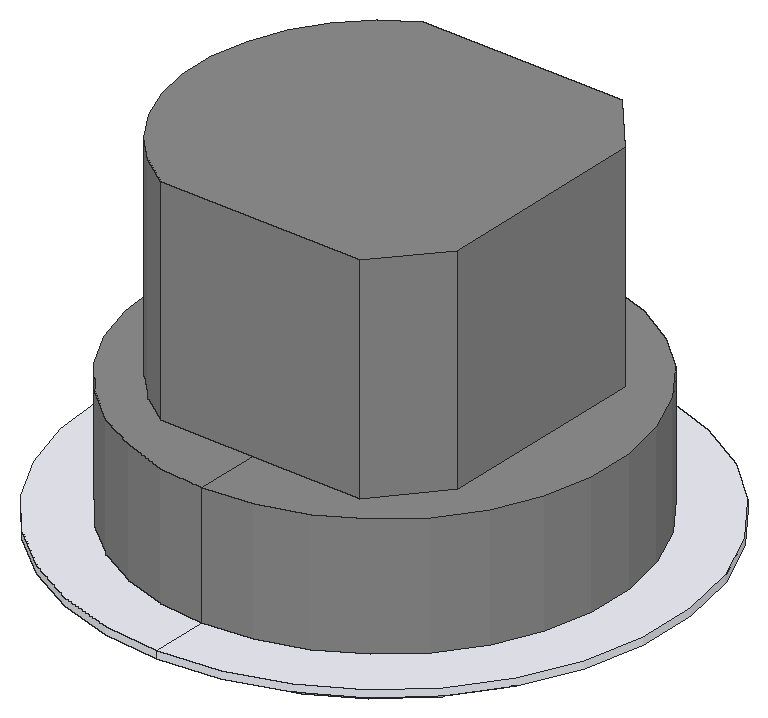
Revit family "PD2 EN types Sans hôte", category Dispositifs d'éclairage, Revit 2019
Family settings
  Conserver l'orientation des annotations = Non
  Cote de connecteur circulaire = Utiliser le diamètre
  Type d'élément = Normal
  Basée sur le plan de construction = Oui
  Toujours verticalement = Oui
  Couper avec des vides une fois chargée = Non
  Partagée = Non
  Point de calcul de pièce = Non
Parameters (values of type "01- PD2 EN Générique")
  Portée frontale [instance] = Position en hauteur * 2.4  # 600 cm
  Portée de biais [instance] = Position en hauteur * 4  # 1000 cm
  Hauteur de montage max préconisée [instance] = Hauteur de montage max  # 300 cm
  Hauteur de montage max = 300 cm
  Activitée assise [instance] = Position en hauteur * 1.6  # 400 cm
  Zone de detection [instance] = no
  URL = "http://www.luxomat.com"
  Type de Sortie = ""
  Température ambiante = "-25°C à +50°C"
  Référence = ""
  Relais = ""
  Position en hauteur [instance] = 250 cm
  Mode de pose = "Encastré"
  Etiquette [instance] = yes
  Modèle = "PD2 EN"
  Marque = "LUXOMAT"
  Image du type = 360°.jpg
  IP = "20"
  Fabricant = "B.E.G."
  Default Elevation = 0 cm
  Consommation = ""
  Commentaires du type = "DET.PRES.360°/Ø10M ENCASTRE"
  Code d'assemblage = "D5010200"
  Classe = "II"
  Charge LED = ""
  Charge Cos ɸ =1 = ""
  Charge Cos ɸ =0.5 = ""
  Zone assise [instance] = Position en hauteur < 300.1 cm  # yes
  Alimentation = "110-240 V AC"
Types (11, lengths in cm): name | Type de Sortie | Température ambiante | Référence | Relais | Modèle | Consommation | Commentaires du type | Charge LED | Charge Cos ɸ =1 | Charge Cos ɸ =0.5 | Alimentation
  01- PD2 EN Générique | "" | "-25°C à +50°C" | "" | "" | "PD2 EN" | "" | "DET.PRES.360°/Ø10M ENCASTRE" | "" | "" | "" | "110-240 V AC"
  02- PD2 M 1C EN réf 92555 | "TOR" | "-25°C à +50°C" | "92555" | "10 A" | "PD2 M 1C EN" | "0,47 W" | "DET.PRES.MAITRE.1 CONTACT.360°/Ø10M ENCASTRE" | "300 W" | "2300 W" | "1150 VA" | "110-240 V AC"
  05- PD2 S EN réf 92156 | "Esclave" | "-25°C à +50°C" | "92156" | "10 A" | "PD2 S EN" | "0,25 W" | "DET.PRES.ESCLAVE..360°/Ø10M ENCASTRE" | "0" | "0" | "0" | "110-240 V AC"
  03- PD2 M 2C EN réf 92155 | "TOR" | "-25°C à +50°C" | "92155" | "10 A" | "PD2 M 2C EN" | "0,52 W" | "DET.PRES.MAITRE.2 CONTACTS.360°/Ø10M ENCASTRE" | "300 W" | "2300 W" | "1150 VA" | "110-240 V AC"
  04- PD2 M DIM EN réf 92157 | "DIM (50 ballasts maxi)" | "-25°C à +50°C" | "92157" | "10 A" | "PD2 M DIM EN" | "0,47 W" | "DET.PRES.MAITRE.DIM(1-10V).360°/Ø10M ENCASTRE" | "300 W" | "2300 W" | "1150 VA" | "110-240 V AC"
  10- PD2N KNX DX EN réf 93361 | "KNX - 1 sortie Eclairage TOR ou GRADATION / 3 sorties Présence / Capteur de température et bruit" | "-5°C à +45°C" | "93361" | "0" | "PD2N KNX DX EN" | "12 mA" | "DET.PRES.KNX.VERSION DELUXE.360°/Ø10M ENCASTRE" | "0" | "0" | "0" | "24 V DC par Bus KNX"
  08- PD2N KNX BA EN réf 93381 | "KNX - 1 sortie Eclairage TOR" | "-5°C à +45°C" | "93381" | "0" | "PD2N KNX BA EN" | "12 mA" | "DET.PRES.KNX.VERSION BASIQUE.360°/Ø10M ENCASTRE" | "0" | "0" | "0" | "24 V DC par Bus KNX"
  09- PD2N KNX ST EN réf 93383 | "KNX - 1 sortie Eclairage TOR ou GRADATION / 3 sorties Présence" | "-5°C à +45°C" | "93383" | "0" | "PD2N KNX ST EN" | "12 mA" | "DET.PRES.KNX.VERSION STANDARD.360°/Ø10M ENCASTRE" | "0" | "0" | "0" | "24 V DC par Bus KNX"
  07- PD2N BMS DALI 2 EN réf 93544 | "DALI 2 Adressable - BMS" | "-25°C à +55°C" | "93544" | "0" | "PD2N BMS DALI 2 EN" | "7 mA" | "MULTI.CAPTEUR.PRES.BMS-DALI 2.360°/Ø10M ENCASTRE" | "0" | "0" | "0" | "10-22 V DC par Bus DALI"
  11- PD2N KNXs ST EN réf 93511 | "KNX Sécure - 1 sortie Eclairage TOR ou GRADATION / 3 sorties Présence / HCL" | "-5°C à +45°C" | "93511" | "0" | "PD2N KNXs ST EN" | "12 mA" | "DET.PRES.KNX Sécure.VERSION STANDARD.360°/Ø10M ENCASTRE" | "0" | "0" | "0" | "24 V DC par Bus KNX"
  12- PD2N KNXs DX EN réf 93513 | "KNX Sécure - 1 sortie Eclairage TOR ou GRADATION / 3 sorties Présence / Capteur de température et bruit / HCL" | "-5°C à +45°C" | "93513" | "0" | "PD2N KNXs DX EN" | "12 mA" | "DET.PRES.KNX Sécure.VERSION DELUXE.360°/Ø10M ENCASTRE" | "0" | "0" | "0" | "24 V DC par Bus KNX"
Reference planes (cm)
  plane 1 "Centre (avant/arrière)": y = 0
  plane 2: z = 0
  plane 3 "Centre (gauche/droite)": x = 0
Dimensions and locks (cm)
  aligned and locked: level to plane 2
  aligned and locked: nested 3 to plane 3 "Centre (gauche/droite)"
  aligned and locked: nested 3 to plane 1 "Centre (avant/arrière)"
  aligned and locked: nested 3 to nested 4  (x2)
Nested families (cm)
  nested 1: "Famille4" at (3, -60.8021, 0), visible <- "Etiquette", référence <- "Référence", modèle <- "Modèle", type "Famille4"
    with référence "", modèle "PD2 EN"
  nested 2: "Plafond 360° 2D" at (0, 0, 0), type "Plafond 360° 2D"
  nested 3: "zone G" at (0, 0, 0), activité assise <- "Activitée assise", biais <- "Portée de biais", frontal <- "Portée frontale", visible <- "Zone de detection", Zone assise <- "Zone assise", type "zone G"
    with position 2 240 cm, position 1 400 cm, frontal 600 cm, biais 1000 cm, activité assise 400 cm, Zone assise yes
  nested 4: "M9" at (0, 0, 0), type "Standard"
Connectors (cm)
  electrical at (0, 0, 0)
    settings: index 1, voltage 230 V, apparent load 0 VA, apparent load phase1 0 VA, apparent load phase2 0 VA, apparent load phase3 0 VA, power factor 1, load classification "Eclairage", number of poles 1, system type 31, power factor state 1, is connector primary yes, connector utility no, sub classification motor no, connector description ""
Definition of nested family "M9"
  Parameters (values of type "Standard")
    d98 = 0 cm
    d106 = 0 cm
  Reference planes (cm)
    plane 1 "Centre (avant/arrière)": y = 0
    plane 2: z = 0
    plane 3 "Centre (gauche/droite)": x = 0
    plane 4: x = 0
  Forms (cm)
    Revolve 1, solid, not visible
      sketch origin (0, 0, 0) x (0, -1, 0) y (0, 0, 1)
        loop
          line (0, 0) -> (0, 0.6) -> (-2.2, 0.6)
          arc (-2.2, 0.6) -> (-3.1429, 0.5045) -> (-4, 0.1) r 2.8
          line (-4, 0.1) -> (-4, 0) -> (0, 0)
        axis (0, 0.6) -> (0, 0)
      angle from 0 to 360
    Revolve 2, solid, not visible
      sketch origin (0, 0, 0) x (0, -1, 0) y (0, 0, 1)
        loop
          arc (0, 1.5) -> (-1.1885, 1.2663) -> (-2.2, 0.6) r 3.1389
          line (-2.2, 0.6) -> (0, 0.6) -> (0, 1.5)
        axis (0, 0.6) -> (0, 1.5)
      angle from 0 to 360
    Revolve 3, solid, not visible
      sketch origin (0, 0, 0) x (0, -1, 0) y (0, 0, 1)
        loop
          line (0, -1.7) -> (0, 0) -> (-3.2, 0) -> (-3.2, -1.7) -> (0, -1.7)
        axis (0, 0) -> (0, -1.7)
      angle from 0 to 360
    Extrusion 4, solid, not visible
      sketch origin (0, 3.2, -1.7) x (0, 1, 0) y (1, 0, 0)
        loop
          line (-5.5, 1.5) -> (-5.5, -1.3)
          arc (-5.5, -1.3) -> (-3.2, -2.6338) -> (-0.9, -1.3) r 2.65
          line (-0.9, -1.3) -> (-0.9, 1.5) -> (-1.7342, 2.2) -> (-4.6658, 2.2) -> (-5.5, 1.5)
      from 0 to 3
    Revolve 5, solid
      sketch origin (0, 0, 0) x (0, 1, 0) y (0, 0, -1)
        loop
          line (0, 0) -> (4, 0) -> (4, 0.1)
          arc (4, 0.1) -> (3.1429, 0.5045) -> (2.2, 0.6) r 2.8
          line (2.2, 0.6) -> (0, 0.6) -> (0, 0)
        axis (0, 0.6) -> (0, 0)
      angle from 0 to 360
    Revolve 6, solid
      sketch origin (0, 0, 0) x (0, 1, 0) y (0, 0, -1)
        loop
          line (0, 1.5) -> (0, 0.6) -> (2.2, 0.6)
          arc (2.2, 0.6) -> (1.1885, 1.2663) -> (0, 1.5) r 3.1389
        axis (0, 0.6) -> (0, 1.5)
      angle from 0 to 360
    Revolve 7, solid
      sketch origin (0, 0, 0) x (0, 1, 0) y (0, 0, -1)
        loop
          line (0, -1.7) -> (3.2, -1.7) -> (3.2, 0) -> (0, 0) -> (0, -1.7)
        axis (0, 0) -> (0, -1.7)
      angle from 0 to 360
    Extrusion 8, solid
      sketch origin (0, -3.2, 1.7) x (-1, 0, 0) y (0, -1, 0)
        loop
          line (-1.5, -0.9) -> (-2.2, -1.7342) -> (-2.2, -4.6658) -> (-1.5, -5.5) -> (1.3, -5.5)
          arc (1.3, -5.5) -> (2.6338, -3.2) -> (1.3, -0.9) r 2.65
          line (1.3, -0.9) -> (-1.5, -0.9)
      from 0 to 3
  Dimensions and locks (cm)
    aligned and locked: level to plane 2
Definition of nested family "Famille4"
  Parameters (values of type "Famille4")
    référence [instance] = ""
    modèle [instance] = ""
  Reference planes (cm)
    plane 1: y = 0
    plane 2: x = 0
  Text (cm)
    label "Référence\nModèle" at (-0.0547, 0.0091, 0), shows "référence", "modèle"
Definition of nested family "Plafond 360° 2D"
  Reference planes (cm)
    plane 1: y = 0
    plane 2: x = 0
  Lines and regions (cm)
    Filled region 1, type "rouge"
      outline origin (0, 0, 0) x (1, 0, 0) y (0, 1, 0)
        loop
          circle (0, 0) r 0.0294
    detail lines
      curve 1: arc (-0.1732, 0.1, 0) -> (-0.2, 0, 0) -> (-0.1732, -0.1, 0) r 0.2
      curve 2: arc (-0.1, -0.1732, 0) -> (0, -0.2, 0) -> (0.1, -0.1732, 0) r 0.2
      curve 3: arc (0.1732, -0.1, 0) -> (0.2, 0, 0) -> (0.1732, 0.1, 0) r 0.2
      curve 4: arc (0.1, 0.1732, 0) -> (0, 0.2, 0) -> (-0.1, 0.1732, 0) r 0.2
      curve 5: arc (-0.1375, 0.0794, 0) -> (-0.1588, 0, 0) -> (-0.1375, -0.0794, 0) r 0.1588
      curve 6: arc (-0.0794, -0.1375, 0) -> (0, -0.1588, 0) -> (0.0794, -0.1375, 0) r 0.1588
      curve 7: arc (0.1375, -0.0794, 0) -> (0.1588, 0, 0) -> (0.1375, 0.0794, 0) r 0.1588
      curve 8: arc (0.0794, 0.1375, 0) -> (0, 0.1588, 0) -> (-0.0794, 0.1375, 0) r 0.1588
      curve 9: arc (-0.1019, 0.0588, 0) -> (-0.1176, 0, 0) -> (-0.1019, -0.0588, 0) r 0.1176
      curve 10: arc (-0.0588, -0.1019, 0) -> (0, -0.1176, 0) -> (0.0588, -0.1019, 0) r 0.1176
      curve 11: arc (0.1019, -0.0588, 0) -> (0.1176, 0, 0) -> (0.1019, 0.0588, 0) r 0.1176
      curve 12: arc (0.0588, 0.1019, 0) -> (0, 0.1176, 0) -> (-0.0588, 0.1019, 0) r 0.1176
      curve 13: arc (-0.0294, 0, 0) -> (0, -0.0294, 0) -> (0.0294, 0, 0) r 0.0294
      curve 14: arc (0.0294, 0, 0) -> (0, 0.0294, 0) -> (-0.0294, 0, 0) r 0.0294
Definition of nested family "zone G"
  Parameters (values of type "zone G")
    position 2 [instance] = (frontal / 2) * 0.8  # 240 cm
    position 1 [instance] = ((biais / 2) + (frontal / 2)) / 2  # 400 cm
    frontal [instance] = 600 cm
    biais [instance] = 1000 cm
    activité assise [instance] = 400 cm
    Zone assise [instance] = yes
  Reference planes (cm)
    plane 1 "Centre (avant/arrière)": y = 0
    plane 2: z = 0
    plane 3 "Centre (gauche/droite)": x = 0
    plane 4: x = -400
    plane 5: y = -240
  Lines and regions (cm)
    detail lines, in view "Niveau de réf.", visible <- "Zone assise"
      curve 1: circle (0, 0, 0) r 200 normal (0, 0, 1)
      curve 16: spline (-100.1609, 35.3835, 0) -> (-99.2494, 35.2529, 0) -> (-98.3931, 34.8281, 0) -> (-97.6502, 34.138, 0) -> (-97.0714, 33.2297, 0) -> (-96.6961, 32.165, 0) -> (-96.55, 31.0166, 0) -> (-96.643, 29.8626, 0) -> (-96.9687, 28.7818, 0) -> (-97.5049, 27.8477, 0) -> (-98.2152, 27.1241, 0) -> (-99.051, 26.6602, 0) -> (-99.9555, 26.4877, 0) -> (-100.867, 26.6183, 0) -> (-101.7234, 27.0431, 0) -> (-102.4663, 27.7332, 0) -> (-103.0451, 28.6415, 0) -> (-103.4203, 29.7062, 0) -> (-103.5664, 30.8546, 0) -> (-103.4735, 32.0085, 0) -> (-103.1478, 33.0894, 0) -> (-102.6115, 34.0234, 0) -> (-101.9013, 34.7471, 0) -> (-101.0654, 35.211, 0) -> (-100.1609, 35.3835, 0)
      curve 17: line (-100, 26, 0) -> (-100, 0, 0)
      curve 18: line (-100, 0, 0) -> (-83, 0, 0)
      curve 19: line (-83, 0, 0) -> (-83, -21, 0)
      curve 20: line (-100, 22.2972, 0) -> (-87.1203, 15.4489, 0)
      curve 21: line (-110.5298, 20.3537, 0) -> (-105.6439, -2.6328, 0)
      curve 22: line (-105.6439, -2.6328, 0) -> (-85.0082, -2.6328, 0)
      curve 23: line (-90.8164, -2.6328, 0) -> (-90.8164, -21, 0)
      curve 24: line (-102.3261, -2.6328, 0) -> (-102.3261, -21, 0)
      curve 34: line (-90.8164, 8.5, 0) -> (-64.3164, 8.5, 0)
      curve 35: line (-75.5, -21, 0) -> (-75.5, 8.5, 0)
      curve 36: line (-69, -21, 0) -> (-69, 8.5, 0)
    detail lines, in view "Niveau de réf."
      curve 2: circle (0, 0, 0) r 300 normal (0, 0, 1)
      curve 3: circle (0, 0, 0) r 500 normal (0, 0, 1)
      curve 4: line (-400, -41.4725, 0) -> (-400, 41.4725, 0)
      curve 5: line (-400, 41.4725, 0) -> (-422.1638, 13.1041, 0)
      curve 6: line (-400, 41.4725, 0) -> (-377.8362, 13.1041, 0)
      curve 10: line (0, -294.5767, 0) -> (0, -211.6316, 0)
      curve 11: line (0, -211.6316, 0) -> (-22.1638, -240, 0)
      curve 12: line (0, -211.6316, 0) -> (22.1638, -240, 0)
    detail lines, in view "Niveau de réf.", not visible
      curve 7: line (628.0656, -64.277, 0) -> (628.0656, 18.6681, 0)
      curve 8: line (628.0656, 18.6681, 0) -> (605.9018, -9.7003, 0)
      curve 9: line (628.0656, 18.6681, 0) -> (650.2294, -9.7003, 0)
      curve 13: line (628.0656, -64.277, 0) -> (628.0656, 18.6681, 0)
      curve 14: line (628.0656, 18.6681, 0) -> (605.9018, -9.7003, 0)
      curve 15: line (628.0656, 18.6681, 0) -> (650.2294, -9.7003, 0)
    detail lines, in view "Niveau de réf.", visible <- "Zone assise", not visible
      curve 25: spline (932.3619, 15.8637, 0) -> (933.2734, 15.7331, 0) -> (934.1297, 15.3083, 0) -> (934.8726, 14.6182, 0) -> (935.4514, 13.7099, 0) -> (935.8267, 12.6452, 0) -> (935.9728, 11.4968, 0) -> (935.8798, 10.3428, 0) -> (935.5541, 9.262, 0) -> (935.0179, 8.3279, 0) -> (934.3076, 7.6043, 0) -> (933.4718, 7.1404, 0) -> (932.5673, 6.9679, 0) -> (931.6558, 7.0985, 0) -> (930.7994, 7.5233, 0) -> (930.0565, 8.2134, 0) -> (929.4777, 9.1217, 0) -> (929.1025, 10.1864, 0) -> (928.9564, 11.3348, 0) -> (929.0493, 12.4888, 0) -> (929.375, 13.5696, 0) -> (929.9113, 14.5037, 0) -> (930.6215, 15.2273, 0) -> (931.4574, 15.6912, 0) -> (932.3619, 15.8637, 0)
      curve 26: line (932.5228, 6.4802, 0) -> (932.5228, -19.5198, 0)
      curve 27: line (932.5228, -19.5198, 0) -> (949.5228, -19.5198, 0)
      curve 28: line (949.5228, -19.5198, 0) -> (949.5228, -40.5198, 0)
      curve 29: line (932.5228, 2.7774, 0) -> (945.4025, -4.0709, 0)
      curve 30: line (921.993, 0.8339, 0) -> (926.8789, -22.1526, 0)
      curve 31: line (926.8789, -22.1526, 0) -> (947.5146, -22.1526, 0)
      curve 32: line (941.7064, -22.1526, 0) -> (941.7064, -40.5198, 0)
      curve 33: line (930.1967, -22.1526, 0) -> (930.1967, -40.5198, 0)
      curve 37: line (941.7064, -11.0198, 0) -> (968.2064, -11.0198, 0)
      curve 38: line (957.0228, -40.5198, 0) -> (957.0228, -11.0198, 0)
      curve 39: line (963.5228, -40.5198, 0) -> (963.5228, -11.0198, 0)
  Dimensions and locks (cm)
    "position 1": plane 4 to plane 3 "Centre (gauche/droite)"
    "position 2": plane 5 to plane 1 "Centre (avant/arrière)"
    "activité assise": diameter of curve 1
    "biais": diameter of curve 3
    "frontal": diameter of curve 2
    aligned and locked: plane 4 to curve 4
    aligned and locked: plane 1 "Centre (avant/arrière)" to curve 18
    aligned and locked: curve 10 to plane 3 "Centre (gauche/droite)"
    aligned and locked: plane 5 to curve 12
  Automatic sketch dimensions
    curve 5 to curve 5 = 22.1638 cm
    curve 4 to curve 6 = 22.1638 cm
    curve 6 to curve 5 = 28.3684 cm
    curve 5 to curve 5 = 28.3684 cm
    curve 4 to curve 5 = 54.5767 cm
    curve 8 to curve 8 = 22.1638 cm
    curve 7 to curve 9 = 22.1638 cm
    curve 9 to curve 8 = 28.3684 cm
    curve 8 to curve 8 = 28.3684 cm
    curve 7 to curve 8 = 54.5767 cm
    curve 11 to curve 11 = 22.1638 cm
    curve 10 to curve 12 = 22.1638 cm
    curve 12 to curve 11 = 28.3684 cm
    curve 11 to curve 11 = 28.3684 cm
    curve 10 to curve 11 = 54.5767 cm
    curve 14 to curve 14 = 22.1638 cm
    curve 13 to curve 15 = 22.1638 cm
    curve 15 to curve 14 = 28.3684 cm
    curve 14 to curve 14 = 28.3684 cm
    curve 13 to curve 14 = 54.5767 cm
    curve 21 to curve 17 = 5.6439 cm
    curve 17 to curve 19 = 17 cm
    curve 22 to curve 19 = 2.6328 cm
    curve 21 to curve 20 = 10.5298 cm
    curve 21 to curve 24 = 3.3178 cm
    curve 16 to curve 17 = 0.1609 cm
    curve 16 to curve 16 = 0.1027 cm
    curve 23 to curve 18 = 7.8164 cm
    curve 34 to curve 23 = 0 cm
    curve 34 to curve 20 = 3.6961 cm
    curve 22 to curve 18 = 2.0082 cm
    curve 19 to curve 35 = 7.5 cm
    curve 35 to curve 36 = 6.5 cm
    curve 36 to curve 34 = 4.6836 cm
    curve 35 to curve 22 = 18.3672 cm
    curve 23 to curve 35 = 0 cm
    curve 19 to curve 35 = 0 cm
    curve 35 to curve 36 = 0 cm
    curve 24 to curve 23 = 0 cm
    curve 18 to curve 36 = 8.5 cm
    curve 34 to curve 20 = 6.9489 cm
    curve 17 to curve 21 = 20.3537 cm
    curve 21 to curve 20 = 1.9435 cm
    curve 20 to curve 17 = 3.7028 cm
    curve 17 to curve 16 = 4.9356 cm
    curve 30 to curve 26 = 5.6439 cm
    curve 26 to curve 28 = 17 cm
    curve 31 to curve 28 = 2.6328 cm
    curve 30 to curve 29 = 10.5298 cm
    curve 30 to curve 33 = 3.3178 cm
    curve 25 to curve 26 = 0.1609 cm
    curve 25 to curve 25 = 0.1027 cm
    curve 32 to curve 27 = 7.8164 cm
    curve 37 to curve 32 = 0 cm
    curve 37 to curve 29 = 3.6961 cm
    curve 31 to curve 27 = 2.0082 cm
    curve 28 to curve 38 = 7.5 cm
    curve 38 to curve 39 = 6.5 cm
    curve 39 to curve 37 = 4.6836 cm
    curve 38 to curve 31 = 18.3672 cm
    curve 32 to curve 38 = 0 cm
    curve 28 to curve 38 = 0 cm
    curve 38 to curve 39 = 0 cm
    curve 33 to curve 32 = 0 cm
    curve 27 to curve 39 = 8.5 cm
    curve 37 to curve 29 = 6.9489 cm
    curve 26 to curve 30 = 20.3537 cm
    curve 30 to curve 29 = 1.9435 cm
    curve 29 to curve 26 = 3.7028 cm
    curve 26 to curve 25 = 4.9356 cm
    curve 1 to curve 2 = 0 cm  (x2)
    curve 1 to curve 3 = 0 cm  (x2)
    curve 2 to curve 3 = 0 cm  (x2)
    plane 1 "Centre (avant/arrière)" to curve 2 = 0 cm
    curve 2 to plane 3 "Centre (gauche/droite)" = 0 cm
